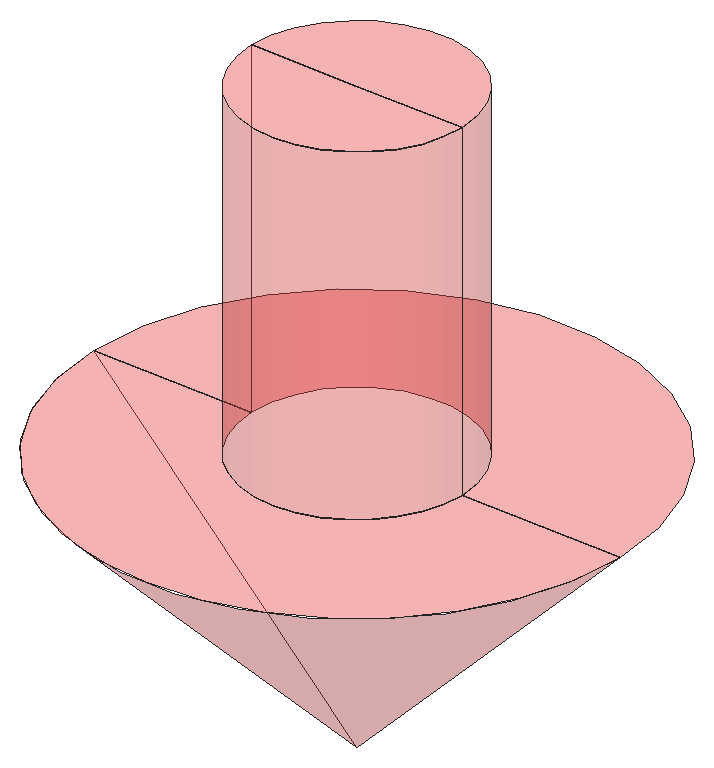
Revit family "SetoutPoint", category Generic Models, Revit 2017
Family settings
  Can host rebar = No
  Round Connector Dimension = Use Diameter
  Part Type = Normal
  Work Plane-Based = No
  Always vertical = Yes
  Cut with Voids When Loaded = No
  Shared = No
  Room Calculation Point = No
Parameters (values of type "SetoutPoint_Major")
  Z [instance] = 0 mm
  Y [instance] = 0 mm
  X [instance] = 0 mm
  Type Comments = ""
  Point_Number [instance] = ""
  Material = Setout Point-Major
  Key_Setout_Point = yes
  Host_Type [instance] = ""
  Host_Id [instance] = 0
  Description = "Setout Point"
Types (2, lengths in mm): name | Material | Key_Setout_Point
  SetoutPoint_Major | Setout Point-Major | yes
  SetoutPoint_Minor | Setout Point-Minor | no
Reference planes
  plane 1 "Center (Front/Back)": y = 0
  plane 2: z = 0
  plane 3 "Center (Left/Right)": x = 0
  plane 4: z = 100
  plane 5: z = 225
Forms (mm)
  Revolve 1, solid, material "Setout Point-Major" <- "Material"
    sketch origin (0, 0, 0) x (1, 0, 0) y (0, 0, 1)
      loop
        line (0, 0) -> (0, 225) -> (-40, 225) -> (-40, 100) -> (-100, 100) -> (0, 0)
      axis (0, 0) -> (0, 225)
    angle from 0 to 360
Dimensions and locks
  plane 5 to plane 4 to level = 125 mm locked, 100 mm locked
  plane 3 "Center (Left/Right)" to Revolve 1 sketch curve to Revolve 1 sketch curve = 40 mm locked, 60 mm locked
  aligned and locked: plane 2 to level
  aligned and locked: Revolve 1 sketch curve to plane 4
  aligned and locked: Revolve 1 sketch curve to plane 5
  aligned and locked: Revolve 1 sketch curve to plane 3 "Center (Left/Right)"
